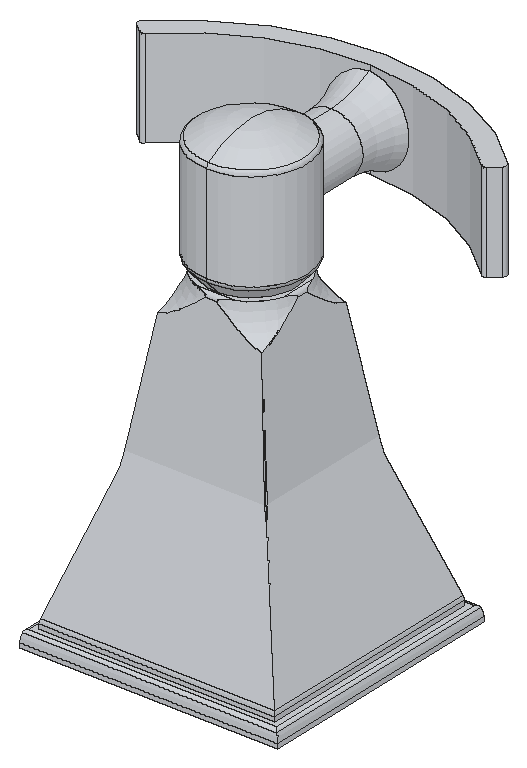
Revit family "Accessory-Robe_Hook-KOHLER-MEMOIRS-K-492T", category Specialty Equipment, host Face, Revit 2017
Family settings
  Host = Face
  Round Connector Dimension = Use Diameter
  Part Type = Normal
  OmniClass Number = 23.31.25.27
  OmniClass Title = Robe Hooks
  Cut with Voids When Loaded = No
  Shared = No
  Room Calculation Point = No
Parameters (values of type "CP-Polished Chrome")
  Width = 2 163/256"  # constant formula
  WaterSense Certified = 1 = 0  # no
  URL = "http://www.kohler.com.cn/en/"
  Type = 1
  Product Page URL = "http://www.kohler.com.cn/product/K-492T-CP/K-492T-CP/"
  Product Name = "MEMOIRS"  # constant formula
  Product Documentation Link = "http://files.kohler.com.cn/pdfs/memoirs_acc_ins.pdf"
  Model = if(Type = 1, "K-492T-CP", if(Type = 2, "K-492T-AF", if(Type = 3, "K-492T-BN", if(Type = 4, "K-492T-RGD", "NA"))))  # "K-492T-CP"
  Material = "Solid Brass Construction"  # constant formula
  Master Format 2014 Name = "Toilet, Bath, and Laundry Accessories"  # constant formula
  Master Format 2014 = "10 28 00"  # constant formula
  Manufacturer Address = "158 Jiangchang 3rd Road Zhabei District Shanghai, 200436 China"  # constant formula
  Manufacturer = "KOHLER Co."  # constant formula
  Length = 3 79/256"  # constant formula
  Height = 2 1/8"  # constant formula
  Finish = Kohler-Metal-CP-Polished_Chrome
  Environmental Product Declaration = ""
  Description = "Coat Hook"  # constant formula
  Default Elevation = 42"
  Declare Label = ""
  Date Modified = "06/08/2020"  # constant formula
  Date Created = "06/08/2020"  # constant formula
  Copyright = "Copyright KOHLER Co."  # constant formula
  Contact Us = "http://www.kohler.com.cn/en/contact/contact-us/"
  Assembly Code = "C1030200"
  ADA Compliant = 1 = 0  # no
Types (5): name | Type | Product Page URL | Model | Finish
  (no name) | 1 | "http://www.kohler.com.cn/product/K-492T-CP/K-492T-CP/" | "K-492T-CP" | Kohler-Metal-CP-Polished_Chrome
  CP-Polished Chrome | 1 | "http://www.kohler.com.cn/product/K-492T-CP/K-492T-CP/" | "K-492T-CP" | Kohler-Metal-CP-Polished_Chrome
  AF-Flange Gold | 2 | "http://www.kohler.com.cn/product/K-492T-CP/K-492T-AF/" | "K-492T-AF" | Kohler-Metal-AF-Flange_Gold
  BN-Roman Silver | 3 | "http://www.kohler.com.cn/product/K-492T-CP/K-492T-BN/" | "K-492T-BN" | Kohler-Metal-BN-Roman_Silver
  RGD-Rose Gold | 4 | "http://www.kohler.com.cn/product/K-492T-CP/K-492T-RGD/" | "K-492T-RGD" | Kohler-Metal-RGD-Rose_Gold
Reference planes (in)
  plane 1 "Center (Front/Back)": y = 0
  plane 2: z = 0
  plane 3 "Center (Left/Right)": x = 0
  plane 4: y = -0.9251969
  plane 5: y = 0.9251969
  plane 6: x = -0.9251969
  plane 7: x = 0.9251969
  plane 8: x = -1.3188976
  plane 9: x = 1.3178211
  plane 10: y = 1.1998031
  plane 11: z = 3.3085937
  plane 12: z = 3.1889764
  plane 13: z = 2.4889764
  plane 14: z = 0.11
Dimensions and locks (in)
  "Height": plane 10 to plane 4
  locked: plane 5 to plane 4 at 1.8503937
  "Width": plane 8 to plane 9
  locked: plane 6 to plane 7 at 1.8503937
  "Length": plane 11 to plane 2
  locked: plane 12 to plane 2 at 3.1889764
  aligned and locked: plane 2 to host face
  aligned and locked: level to host face
Automatic sketch dimensions
  host sketch curve to host sketch curve = 96"  (x2)
Nested families (in)
  nested 1: "K-492T" at (0, 0, 0), type "K-492T"
Definition of nested family "K-492T"
  Parameters (values of type "K-492T")
    Material = none
  Reference planes (in)
    plane 1 "Center (Front/Back)": y = 0
    plane 2: z = 0
    plane 3 "Center (Left/Right)": x = 0
    plane 4: x = -0.9251969
    plane 5: y = 0.9251969
    plane 6: x = -1.3188976
    plane 7: x = 1.3188976
    plane 8: y = 1.2007874
    plane 9: y = -0.9251969
    plane 10: x = 0.9251969
    plane 11: z = 3.1889764
    plane 12: z = 3.3070866
    plane 13: z = 0.11
    plane 14: z = 2.4889764
  Forms (in)
    Sweep 1, solid, material <- "Material", detail levels medium+fine
      path origin (0, 0, 0) x (1, 0, 0) y (0, 1, 0)
        loop
          line (0.925, 0.925) -> (-0.925, 0.925) -> (-0.925, -0.925) -> (0.925, -0.925) -> (0.925, 0.925)
      profile origin (0, 0.925, 0) x (0, -1, 0) y (0, 0, 1)
        loop
          line (0.003125, 0) -> (0.6245715, 0) -> (0.6245715, 2.339) -> (0.593665, 2.339)
          arc (0.593665, 2.339) -> (0.5729754, 2.3306447) -> (0.5638903, 2.310265) r 0.0297934
          arc (0.5638903, 2.310265) -> (0.4238539, 1.2203108) -> (0.0862484, 0.1745416) r 5.9649926
          arc (0.0862484, 0.1745416) -> (0.0815782, 0.159623) -> (0.08, 0.1440704) r 0.0774227
          line (0.08, 0.1440704) -> (0.08, 0.11) -> (0.0382268, 0.11)
          arc (0.0382268, 0.11) -> (0.0233697, 0.1052968) -> (0.0139255, 0.0929009) r 0.0258182
          arc (0.0139255, 0.0929009) -> (0.0058452, 0.0623251) -> (0.003125, 0.0308169) r 0.1838382
          line (0.003125, 0.0308169) -> (0.003125, 0)
    Revolve 2, solid, material <- "Material", detail levels medium+fine
      sketch origin (0, 0, 0) x (0, 1, 0) y (0, 0, 1)
        loop
          line (0, 3.3125) -> (0, 2.3155625) -> (0.2964236, 2.3155625) -> (0.3896686, 2.4266876)
          arc (0.3896686, 2.4266876) -> (0.3973369, 2.4399695) -> (0.4000001, 2.4550732) r 0.0441603
          line (0.4000001, 2.4550732) -> (0.4000001, 3.1609451)
          arc (0.4000001, 3.1609451) -> (0.3952537, 3.1800714) -> (0.3821157, 3.1947594) r 0.0409086
          arc (0.3821157, 3.1947594) -> (0.199922, 3.2823975) -> (0, 3.3125) r 0.6789299
        axis (0, 3.3125) -> (0, 2.3155625)
      angle from 0 to 360
    Revolve 3, solid, material <- "Material", detail levels medium+fine
      sketch origin (0, 0, 0) x (0, 1, 0) y (0, 0, 1)
        loop
          line (0.1621035, 2.8389764) -> (1.0726922, 2.8389764) -> (1.0726922, 3.1636601)
          arc (1.0726922, 3.1636601) -> (0.901928, 3.0856882) -> (0.7161148, 3.0589765) r 0.6596352
          line (0.7161148, 3.0589765) -> (0.1621035, 3.0589765) -> (0.1621035, 2.8389764)
        axis (1.0726922, 2.8389764) -> (0.1621035, 2.8389764)
      angle from 0 to 360
    Extrusion 4, solid, material <- "Material", detail levels medium+fine
      sketch origin (0, 0, 0) x (1, 0, 0) y (0, 1, 0)
        loop
          line (-1.310755, 0.611595) -> (-1.243255, 0.5507652)
          arc (-1.243255, 0.5507652) -> (-1.2239528, 0.5436862) -> (-1.2051172, 0.5519266) r 0.0275789
          arc (-1.2051172, 0.5519266) -> (-0.6534235, 0.925942) -> (0, 1.0574379) r 1.6892295
          arc (0, 1.0574379) -> (0.6534321, 0.9259384) -> (1.2051303, 0.5519133) r 1.6892295
          arc (1.2051303, 0.5519133) -> (1.2239524, 0.5436786) -> (1.2432409, 0.5507525) r 0.0275591
          line (1.2432409, 0.5507525) -> (1.3089194, 0.6099408)
          arc (1.3089194, 0.6099408) -> (1.3187892, 0.6310128) -> (1.3105803, 0.6527857) r 0.0299268
          arc (1.3105803, 0.6527857) -> (0.7102687, 1.0582712) -> (0, 1.2007874) r 1.8411683
          arc (0, 1.2007874) -> (-0.7111641, 1.0578966) -> (-1.3119431, 0.6514032) r 1.8411683
          arc (-1.3119431, 0.6514032) -> (-1.3198524, 0.6312453) -> (-1.310755, 0.611595) r 0.0275591
      from 2.4889764 to 3.1889764
    Extrusion 5, solid, material <- "Material", detail levels medium+fine
      sketch origin (0, 0, 0) x (1, 0, 0) y (0, 1, 0)
        loop
          line (-0.3004285, 0.3004285) -> (-0.3004285, -0.3004285) -> (0.3004285, -0.3004285) -> (0.3004285, 0.3004285) -> (-0.3004285, 0.3004285)
      from 0 to 2.339
    Revolve 6, void
      sketch origin (0, 0, 0) x (0, 1, 0) y (0, 0, 1)
        loop
          line (0.5899166, 2.0708433) -> (0.9327473, 2.0708433) -> (0.9327473, 2.3468409) -> (0.3586497, 2.3468409)
          arc (0.3586497, 2.3468409) -> (0.429352, 2.1711928) -> (0.5899166, 2.0708433) r 0.3057929
        axis (0, 2.3468409) -> (0, 2.0708433)
      angle from 0 to 360
    Blend 7, solid, material <- "Material", detail levels coarse
      base sketch origin (0, 0, 0) x (-1, 0, 0) y (0, -1, 0)
        loop
          line (-0.921875, 0.921875) -> (-0.921875, -0.921875) -> (0.921875, -0.921875) -> (0.921875, 0.921875) -> (-0.921875, 0.921875)
      top sketch origin (0, 0, 0) x (-1, 0, 0) y (0, -1, 0)
        loop
          line (-0.3724802, 0.3727439) -> (-0.3724802, -0.3727311) -> (0.3727311, -0.3727311) -> (0.3727311, 0.3727439) -> (-0.3724802, 0.3727439)
      from 0 to 2.339
    Extrusion 8, solid, material <- "Material", detail levels coarse
      sketch origin (0, 0, 0) x (-1, 0, 0) y (0, -1, 0)
        loop
          circle (0, 0) r 0.3724802
      from 2.2271048 to 3.3070866
    Extrusion 9, solid, material <- "Material", detail levels coarse
      sketch origin (0, 0, 0) x (1, 0, 0) y (0, 1, 0)
        loop
          arc (1.2958749, 0.6319475) -> (0.0005419, 1.2000004) -> (-1.294081, 0.6303308) r 1.7584001
          line (-1.294081, 0.6303308) -> (-1.1855359, 0.5325119)
          arc (-1.1855359, 0.5325119) -> (-0.7476293, 0.8718112) -> (-0.2204473, 1.042003) r 1.6048339
          line (-0.2204473, 1.042003) -> (-0.2204473, 0.2265301) -> (0.2204473, 0.2265301) -> (0.2204473, 1.0424468)
          arc (0.2204473, 1.0424468) -> (0.7484527, 0.8730636) -> (1.1872937, 0.5340959) r 1.6048339
          line (1.1872937, 0.5340959) -> (1.2958749, 0.6319475)
      from 2.4889764 to 3.1889764
  Cuts and joins
    Revolve 6 cuts Sweep 1
    Revolve 6 cuts Extrusion 5
    joined: Sweep 1, Revolve 2, Revolve 3, Extrusion 4, Extrusion 5
    joined: Blend 7, Extrusion 8, Extrusion 9
  Lines and regions (in)
    Masking region 1
      outline origin (0, 0, 0) x (1, 0, 0) y (0, 1, 0)
        loop
          line (-0.9251969, 0.7815403) -> (-0.9251969, -0.9251969) -> (0.9251969, -0.9251969) -> (0.9251969, 0.7815403)
          arc (0.9251969, 0.7815403) -> (1.0713263, 0.6742544) -> (1.2051172, 0.5519266) r 1.6892295
          arc (1.2051172, 0.5519266) -> (1.2239528, 0.5436862) -> (1.243255, 0.5507652) r 0.0275789
          line (1.243255, 0.5507652) -> (1.3089492, 0.6099677)
          arc (1.3089492, 0.6099677) -> (1.3188984, 0.6337302) -> (1.3068858, 0.6565193) r 0.0301885
          arc (1.3068858, 0.6565193) -> (0.707845, 1.0592826) -> (0, 1.2007874) r 1.8411683
          arc (0, 1.2007874) -> (-0.707845, 1.0592826) -> (-1.3068858, 0.6565193) r 1.8411683
          arc (-1.3068858, 0.6565193) -> (-1.3188984, 0.6337302) -> (-1.3089492, 0.6099677) r 0.0301885
          line (-1.3089492, 0.6099677) -> (-1.243255, 0.5507652)
          arc (-1.243255, 0.5507652) -> (-1.2239528, 0.5436862) -> (-1.2051172, 0.5519266) r 0.0275789
          arc (-1.2051172, 0.5519266) -> (-1.0713263, 0.6742544) -> (-0.9251969, 0.7815403) r 1.6892295
        loop
          arc (-0.2539773, 0.9251969) -> (-0.274551, 0.9789133) -> (-0.2997217, 1.0306353) r 0.6602851
          arc (-0.2997217, 1.0306353) -> (-0.4803611, 0.9876989) -> (-0.655197, 0.9251969) r 1.6892295
          line (-0.655197, 0.9251969) -> (-0.2539773, 0.9251969)
        loop
          line (0.2539773, 0.9251969) -> (0.655197, 0.9251969)
          arc (0.655197, 0.9251969) -> (0.4803611, 0.9876989) -> (0.2997217, 1.0306353) r 1.6892295
          arc (0.2997217, 1.0306353) -> (0.274551, 0.9789133) -> (0.2539773, 0.9251969) r 0.6602851
    Masking region 2
      outline origin (0, 0, 0) x (1, 0, 0) y (0, 0, 1)
        loop
          line (1.225213, 3.1889764) -> (0.3904737, 3.1889764)
          arc (0.3904737, 3.1889764) -> (0.2039729, 3.2769129) -> (0, 3.3070866) r 0.7045101
          arc (0, 3.3070866) -> (-0.2039729, 3.2769129) -> (-0.3904737, 3.1889764) r 0.7045101
          line (-0.3904737, 3.1889764) -> (-1.225213, 3.1889764)
          arc (-1.225213, 3.1889764) -> (-1.291458, 3.1615368) -> (-1.3188976, 3.0952917) r 0.0936847
          line (-1.3188976, 3.0952917) -> (-1.3188976, 2.582661)
          arc (-1.3188976, 2.582661) -> (-1.291458, 2.516416) -> (-1.225213, 2.4889764) r 0.0936847
          line (-1.225213, 2.4889764) -> (-0.4343163, 2.4889764) -> (-0.331335, 2.339)
          arc (-0.331335, 2.339) -> (-0.3520246, 2.3306447) -> (-0.3611097, 2.310265) r 0.0297934
          arc (-0.3611097, 2.310265) -> (-0.5028784, 1.2125891) -> (-0.845, 0.16) r 5.9649926
          line (-0.845, 0.16) -> (-0.845, 0.11) -> (-0.8903867, 0.11)
          arc (-0.8903867, 0.11) -> (-0.9049859, 0.1053859) -> (-0.9142816, 0.0932198) r 0.0254032
          arc (-0.9142816, 0.0932198) -> (-0.9224475, 0.062492) -> (-0.9251969, 0.0308169) r 0.1838382
          line (-0.9251969, 0.0308169) -> (-0.9251969, 0) -> (0.9251969, 0) -> (0.9251969, 0.0308169)
          arc (0.9251969, 0.0308169) -> (0.9224475, 0.062492) -> (0.9142816, 0.0932198) r 0.1838382
          arc (0.9142816, 0.0932198) -> (0.9049859, 0.1053859) -> (0.8903867, 0.11) r 0.0254032
          line (0.8903867, 0.11) -> (0.845, 0.11) -> (0.845, 0.16)
          arc (0.845, 0.16) -> (0.5028784, 1.2125891) -> (0.3611097, 2.310265) r 5.9649926
          arc (0.3611097, 2.310265) -> (0.3520246, 2.3306447) -> (0.331335, 2.339) r 0.0297934
          line (0.331335, 2.339) -> (0.4343163, 2.4889764) -> (1.225213, 2.4889764)
          arc (1.225213, 2.4889764) -> (1.291458, 2.516416) -> (1.3188976, 2.582661) r 0.0936847
          line (1.3188976, 2.582661) -> (1.3188976, 3.0952917)
          arc (1.3188976, 3.0952917) -> (1.291458, 3.1615368) -> (1.225213, 3.1889764) r 0.0936847
    Masking region 3
      outline origin (0, 0, 0) x (0, 1, 0) y (0, 0, 1)
        loop
          arc (0.9251969, 0.0308169) -> (0.9224475, 0.062492) -> (0.9142816, 0.0932198) r 0.1838382
          arc (0.9142816, 0.0932198) -> (0.9049859, 0.1053859) -> (0.8903867, 0.11) r 0.0254032
          line (0.8903867, 0.11) -> (0.845, 0.11) -> (0.845, 0.16)
          arc (0.845, 0.16) -> (0.5035984, 1.2099855) -> (0.3608018, 2.3048067) r 5.9872637
          arc (0.3608018, 2.3048067) -> (0.3539042, 2.328656) -> (0.331335, 2.339) r 0.0297934
          line (0.331335, 2.339) -> (0.4000001, 2.4390002) -> (0.4000001, 2.6189762) -> (0.5093499, 2.6189762) -> (0.5093499, 2.5827264)
          arc (0.5093499, 2.5827264) -> (0.5368087, 2.5164351) -> (0.6030999, 2.4889764) r 0.09375
          line (0.6030999, 2.4889764) -> (1.1070374, 2.4889764)
          arc (1.1070374, 2.4889764) -> (1.1733287, 2.5164351) -> (1.2007874, 2.5827264) r 0.09375
          line (1.2007874, 2.5827264) -> (1.2007874, 3.0952264)
          arc (1.2007874, 3.0952264) -> (1.1733287, 3.1615176) -> (1.1070374, 3.1889764) r 0.09375
          line (1.1070374, 3.1889764) -> (0.6030999, 3.1889764)
          arc (0.6030999, 3.1889764) -> (0.5368087, 3.1615176) -> (0.5093499, 3.0952264) r 0.09375
          line (0.5093499, 3.0952264) -> (0.5093499, 3.0589765) -> (0.4000001, 3.0589765) -> (0.4000001, 3.1889764)
          arc (0.4000001, 3.1889764) -> (0.2085367, 3.2769421) -> (0, 3.3070866) r 0.7363889
          arc (0, 3.3070866) -> (-0.2085367, 3.2769421) -> (-0.4000001, 3.1889764) r 0.7363889
          line (-0.4000001, 3.1889764) -> (-0.4000001, 2.4390002) -> (-0.331335, 2.339)
          arc (-0.331335, 2.339) -> (-0.3520246, 2.3306447) -> (-0.3611097, 2.310265) r 0.0297934
          arc (-0.3611097, 2.310265) -> (-0.5028784, 1.2125891) -> (-0.845, 0.16) r 5.9649926
          line (-0.845, 0.16) -> (-0.845, 0.11) -> (-0.8903867, 0.11)
          arc (-0.8903867, 0.11) -> (-0.9049859, 0.1053859) -> (-0.9142816, 0.0932198) r 0.0254032
          arc (-0.9142816, 0.0932198) -> (-0.9224475, 0.062492) -> (-0.9251969, 0.0308169) r 0.1838382
          line (-0.9251969, 0.0308169) -> (-0.9251969, 0) -> (0.9251969, 0) -> (0.9251969, 0.0308169)
    symbolic lines, detail levels medium+fine
      curve 1: line (-0.845, 0.8309015, 0) -> (-0.845, -0.845, 0)
      curve 2: line (0.8201114, 0.845, 0) -> (0.2327009, 0.845, 0)
      curve 3: line (0.845, -0.845, 0) -> (0.845, 0.8309015, 0)
      curve 4: line (-0.845, -0.845, 0) -> (0.845, -0.845, 0)
      curve 5: spline (-0.845, -0.845, 0) -> (-0.7828934, -0.7825017, 0) -> (-0.7246952, -0.7239822, 0) -> (-0.6704865, -0.6695232, 0) -> (-0.6203429, -0.6192006, 0) -> (-0.5743346, -0.5730848, 0) -> (-0.5325257, -0.5312401, 0) -> (-0.4949745, -0.4937248, 0) -> (-0.4617335, -0.4605914, 0) -> (-0.432849, -0.4318861, 0) -> (-0.4083614, -0.4076489, 0) -> (-0.3883048, -0.3879137, 0) -> (-0.3727072, -0.372708, 0)
      curve 6: spline (0.8360784, 0.8360194, 0) -> (0.775209, 0.7747721, 0) -> (0.7181677, 0.7174219, 0) -> (0.6650324, 0.664047, 0) -> (0.6158756, 0.6147202, 0) -> (0.5707641, 0.5695087, 0) -> (0.5297596, 0.5284741, 0) -> (0.4929179, 0.4916725, 0) -> (0.4602892, 0.4591539, 0) -> (0.431918, 0.4309627, 0) -> (0.4078431, 0.4071373, 0) -> (0.3880972, 0.3877103, 0) -> (0.3727072, 0.372708, 0)
      curve 7: spline (-0.3648087, 0.1640571, 0) -> (-0.3653573, 0.1804459, 0) -> (-0.3659265, 0.1970349, 0) -> (-0.3665162, 0.2138189, 0) -> (-0.3671261, 0.2307926, 0) -> (-0.3677561, 0.2479504, 0) -> (-0.3684059, 0.2652871, 0) -> (-0.3690754, 0.2827971, 0) -> (-0.3697643, 0.3004748, 0) -> (-0.3704724, 0.3183147, 0) -> (-0.3711995, 0.3363111, 0) -> (-0.3719454, 0.3544583, 0) -> (-0.3727099, 0.3727505, 0)
      curve 8: spline (-0.3727099, 0.3727505, 0) -> (-0.3595342, 0.3723714, 0) -> (-0.3464332, 0.3719888, 0) -> (-0.3334092, 0.3716025, 0) -> (-0.3204641, 0.3712128, 0) -> (-0.3076001, 0.3708196, 0) -> (-0.2948194, 0.370423, 0) -> (-0.282124, 0.3700231, 0) -> (-0.2695161, 0.36962, 0) -> (-0.2569977, 0.3692137, 0) -> (-0.2445708, 0.3688042, 0) -> (-0.2322376, 0.3683918, 0) -> (-0.22, 0.3679763, 0)
      curve 9: spline (0.22, 0.3667378, 0) -> (0.2322402, 0.3671798, 0) -> (0.2445756, 0.3676322, 0) -> (0.257004, 0.3680948, 0) -> (0.2695234, 0.3685676, 0) -> (0.2821319, 0.3690506, 0) -> (0.2948273, 0.3695436, 0) -> (0.3076075, 0.3700465, 0) -> (0.3204704, 0.3705594, 0) -> (0.333414, 0.3710821, 0) -> (0.3464361, 0.3716144, 0) -> (0.3595346, 0.3721565, 0) -> (0.3727072, 0.372708, 0)
      curve 10: spline (0.3727439, 0.3724802, 0) -> (0.3722098, 0.3539773, 0) -> (0.3716686, 0.335624, 0) -> (0.3711205, 0.3174262, 0) -> (0.3705655, 0.2993897, 0) -> (0.370004, 0.2815205, 0) -> (0.369436, 0.2638244, 0) -> (0.3688618, 0.246307, 0) -> (0.3682816, 0.2289742, 0) -> (0.3676955, 0.2118315, 0) -> (0.3671037, 0.1948845, 0) -> (0.3665064, 0.1781387, 0) -> (0.3659039, 0.1615996, 0)
      curve 11: spline (0.3727098, -0.3727505, 0) -> (0.3541862, -0.3722159, 0) -> (0.3358123, -0.3716742, 0) -> (0.3175942, -0.3711256, 0) -> (0.2995377, -0.3705701, 0) -> (0.2816488, -0.3700081, 0) -> (0.2639332, -0.3694395, 0) -> (0.2463968, -0.3688648, 0) -> (0.2290452, -0.368284, 0) -> (0.2118842, -0.3676973, 0) -> (0.1949192, -0.3671049, 0) -> (0.1781559, -0.3665071, 0) -> (0.1615996, -0.3659039, 0)
      curve 12: spline (0.3648097, -0.1640549, 0) -> (0.3653583, -0.1804438, 0) -> (0.3659276, -0.1970329, 0) -> (0.3665172, -0.2138171, 0) -> (0.3671271, -0.2307908, 0) -> (0.367757, -0.2479489, 0) -> (0.3684068, -0.2652857, 0) -> (0.3690762, -0.2827959, 0) -> (0.369765, -0.3004739, 0) -> (0.370473, -0.318314, 0) -> (0.3711999, -0.3363106, 0) -> (0.3719456, -0.354458, 0) -> (0.3727098, -0.3727505, 0)
      curve 13: spline (-0.1640549, -0.3648097, 0) -> (-0.1804406, -0.3653582, 0) -> (-0.1970264, -0.3659274, 0) -> (-0.2138071, -0.3665169, 0) -> (-0.2307775, -0.3671266, 0) -> (-0.247932, -0.3677564, 0) -> (-0.2652652, -0.368406, 0) -> (-0.2827718, -0.3690752, 0) -> (-0.300446, -0.3697639, 0) -> (-0.3182824, -0.3704717, 0) -> (-0.3362752, -0.3711985, 0) -> (-0.3544187, -0.371944, 0) -> (-0.3727072, -0.372708, 0)
      curve 14: spline (-0.3727439, -0.3724802, 0) -> (-0.3722098, -0.3539773, 0) -> (-0.3716686, -0.335624, 0) -> (-0.3711205, -0.3174262, 0) -> (-0.3705655, -0.2993897, 0) -> (-0.370004, -0.2815205, 0) -> (-0.369436, -0.2638244, 0) -> (-0.3688618, -0.246307, 0) -> (-0.3682816, -0.2289742, 0) -> (-0.3676955, -0.2118315, 0) -> (-0.3671037, -0.1948845, 0) -> (-0.3665064, -0.1781387, 0) -> (-0.3659039, -0.1615996, 0)
      curve 15: circle (0, 0, 0) r 0.4000001 normal (0, 0, 1)
      curve 16: line (-0.22, 0.7161166, 0) -> (-0.22, 0.334066, 0)
      curve 17: arc (-0.2539773, 0.9251969, 0) -> (-0.2285497, 0.8220281, 0) -> (-0.22, 0.7161166, 0) r 0.6602789
      curve 18: spline (0.845, -0.845, 0) -> (0.7828934, -0.7825017, 0) -> (0.7246952, -0.7239822, 0) -> (0.6704865, -0.6695232, 0) -> (0.6203429, -0.6192006, 0) -> (0.5743346, -0.5730848, 0) -> (0.5325257, -0.5312401, 0) -> (0.4949745, -0.4937248, 0) -> (0.4617335, -0.4605914, 0) -> (0.432849, -0.4318861, 0) -> (0.4083614, -0.4076489, 0) -> (0.3883048, -0.3879137, 0) -> (0.3727072, -0.372708, 0)
      curve 19: spline (-0.8360784, 0.8360194, 0) -> (-0.775209, 0.7747721, 0) -> (-0.7181677, 0.7174219, 0) -> (-0.6650324, 0.664047, 0) -> (-0.6158756, 0.6147202, 0) -> (-0.5707641, 0.5695087, 0) -> (-0.5297596, 0.5284741, 0) -> (-0.4929179, 0.4916725, 0) -> (-0.4602892, 0.4591539, 0) -> (-0.431918, 0.4309627, 0) -> (-0.4078431, 0.4071373, 0) -> (-0.3880972, 0.3877103, 0) -> (-0.3727072, 0.372708, 0)
      curve 20: line (0.22, 0.7161166, 0) -> (0.22, 0.334066, 0)
      curve 21: arc (0.2539773, 0.9251969, 0) -> (0.2285497, 0.8220281, 0) -> (0.22, 0.7161166, 0) r 0.6602789
      curve 22: line (-0.2327009, 0.845, 0) -> (-0.8201114, 0.845, 0)
      curve 23: arc (-0.2988707, 1.0290593, 0) -> (0, 1.0574427, 0) -> (0.2988707, 1.0290593, 0) r 1.5877149
      curve 24: line (-0.845, 0, 0.16) -> (0.845, 0, 0.16)
      curve 25: line (-0.845, 0, 0.11) -> (0.845, 0, 0.11)
      curve 26: spline (-0.0402793, 0, 2.3123906) -> (-0.0647654, 0, 2.289765) -> (-0.0899108, 0, 2.2678764) -> (-0.1156933, 0, 2.2467441) -> (-0.1420902, 0, 2.2263867) -> (-0.1690782, 0, 2.2068221) -> (-0.1966334, 0, 2.1880678) -> (-0.2247316, 0, 2.1701401) -> (-0.2533479, 0, 2.153055) -> (-0.282457, 0, 2.1368275) -> (-0.3120333, 0, 2.1214719) -> (-0.3420507, 0, 2.1070019) -> (-0.3724827, 0, 2.0934301)
      curve 27: spline (-0.1209058, 0, 2.3384113) -> (-0.1140035, 0, 2.3382243) -> (-0.1070692, 0, 2.337664) -> (-0.1001227, 0, 2.3367319) -> (-0.0931837, 0, 2.3354307) -> (-0.0862718, 0, 2.333764) -> (-0.0794069, 0, 2.3317366) -> (-0.0726084, 0, 2.3293544) -> (-0.0658957, 0, 2.326624) -> (-0.0592877, 0, 2.3235532) -> (-0.0528035, 0, 2.3201508) -> (-0.0464613, 0, 2.3164264) -> (-0.0402793, 0, 2.3123906)
      curve 28: spline (0.0400045, 0, 2.3126757) -> (0.0454681, 0, 2.316686) -> (0.0511343, 0, 2.3203864) -> (0.0569872, 0, 2.3237666) -> (0.0630104, 0, 2.326817) -> (0.0691869, 0, 2.329529) -> (0.0754993, 0, 2.3318951) -> (0.0819298, 0, 2.3339085) -> (0.0884605, 0, 2.3355636) -> (0.0950729, 0, 2.3368557) -> (0.1017485, 0, 2.3377813) -> (0.1084684, 0, 2.3383377) -> (0.1152137, 0, 2.3385233)
      curve 29: spline (0.3724802, 0, 2.0934276) -> (0.3420019, 0, 2.1070078) -> (0.311942, 0, 2.1214894) -> (0.2823271, 0, 2.1368596) -> (0.2531836, 0, 2.1531046) -> (0.2245372, 0, 2.1702101) -> (0.1964133, 0, 2.1881609) -> (0.1688369, 0, 2.2069412) -> (0.1418324, 0, 2.2265341) -> (0.1154237, 0, 2.2469225) -> (0.0896344, 0, 2.2680882) -> (0.0644872, 0, 2.2900124) -> (0.0400045, 0, 2.3126757)
      curve 30: line (0.331335, 0, 2.339) -> (-0.331335, 0, 2.339)
      curve 31: line (-0.4343163, 0, 2.4889764) -> (0.4343163, 0, 2.4889764)
      curve 32: line (-0.3904737, 0, 3.1889764) -> (0.3904737, 0, 3.1889764)
      curve 33: line (0, 0.845, 0.11) -> (0, -0.845, 0.11)
      curve 34: line (0, 0.845, 0.16) -> (0, -0.845, 0.16)
      curve 35: line (0, 0.331335, 2.339) -> (0, -0.331335, 2.339)
      curve 36: line (0, 0.4000001, 2.4390002) -> (0, -0.4000001, 2.4390002)
      curve 37: line (0, 0.4000001, 3.1889764) -> (0, -0.4000001, 3.1889764)
      curve 38: line (0, 0.5093499, 3.0589765) -> (0, 0.5093499, 2.6189762)
      curve 39: arc (0, 0.4000001, 3.0589765) -> (0, 0.3307063, 2.8389764) -> (0, 0.4000001, 2.6189762) r 0.3838848
      curve 40: spline (0, 0.0402794, 2.3123907) -> (0, 0.0647657, 2.2897655) -> (0, 0.0899114, 2.2678772) -> (0, 0.1156941, 2.2467452) -> (0, 0.1420911, 2.226388) -> (0, 0.1690792, 2.2068237) -> (0, 0.1966345, 2.1880695) -> (0, 0.2247327, 2.170142) -> (0, 0.253349, 2.153057) -> (0, 0.2824581, 2.1368296) -> (0, 0.3120344, 2.1214741) -> (0, 0.3420517, 2.107004) -> (0, 0.3724836, 2.0934321)
      curve 41: spline (0, 0.1209058, 2.3384113) -> (0, 0.1140035, 2.3382243) -> (0, 0.1070693, 2.337664) -> (0, 0.1001227, 2.3367319) -> (0, 0.0931837, 2.3354307) -> (0, 0.0862719, 2.333764) -> (0, 0.079407, 2.3317367) -> (0, 0.0726085, 2.3293544) -> (0, 0.0658957, 2.326624) -> (0, 0.0592878, 2.3235532) -> (0, 0.0528036, 2.3201508) -> (0, 0.0464614, 2.3164264) -> (0, 0.0402794, 2.3123907)
      curve 42: spline (0, -0.3724802, 2.0934276) -> (0, -0.3420019, 2.1070078) -> (0, -0.311942, 2.1214894) -> (0, -0.2823271, 2.1368596) -> (0, -0.2531836, 2.1531046) -> (0, -0.2245372, 2.1702101) -> (0, -0.1964133, 2.1881609) -> (0, -0.1688369, 2.2069412) -> (0, -0.1418324, 2.2265341) -> (0, -0.1154237, 2.2469225) -> (0, -0.0896344, 2.2680882) -> (0, -0.0644872, 2.2900124) -> (0, -0.0400045, 2.3126757)
      curve 43: spline (0, -0.0400045, 2.3126757) -> (0, -0.0454681, 2.316686) -> (0, -0.0511343, 2.3203864) -> (0, -0.0569872, 2.3237666) -> (0, -0.0630104, 2.326817) -> (0, -0.0691869, 2.329529) -> (0, -0.0754993, 2.3318951) -> (0, -0.0819298, 2.3339085) -> (0, -0.0884605, 2.3355636) -> (0, -0.0950729, 2.3368557) -> (0, -0.1017485, 2.3377813) -> (0, -0.1084684, 2.3383377) -> (0, -0.1152137, 2.3385233)
      curve 44: arc (-0.655197, 0.9251969, 0) -> (-0.7934548, 0.8594916, 0) -> (-0.9251969, 0.7815403, 0) r 1.6892295
      curve 45: arc (0.655197, 0.9251969, 0) -> (0.7934548, 0.8594916, 0) -> (0.9251969, 0.7815403, 0) r 1.6892295
  Dimensions and locks (in)
    locked: plane 6 to plane 7 at 2.6377953
    locked: plane 5 to plane 9 at 1.8503937
    locked: plane 4 to plane 10 at 1.8503937
    locked: plane 9 to plane 8 at 2.1259843
    plane 11 to plane 2 = 3.18898"
    locked: plane 12 to plane 2 at 3.3070866
    aligned and locked: level to plane 2
